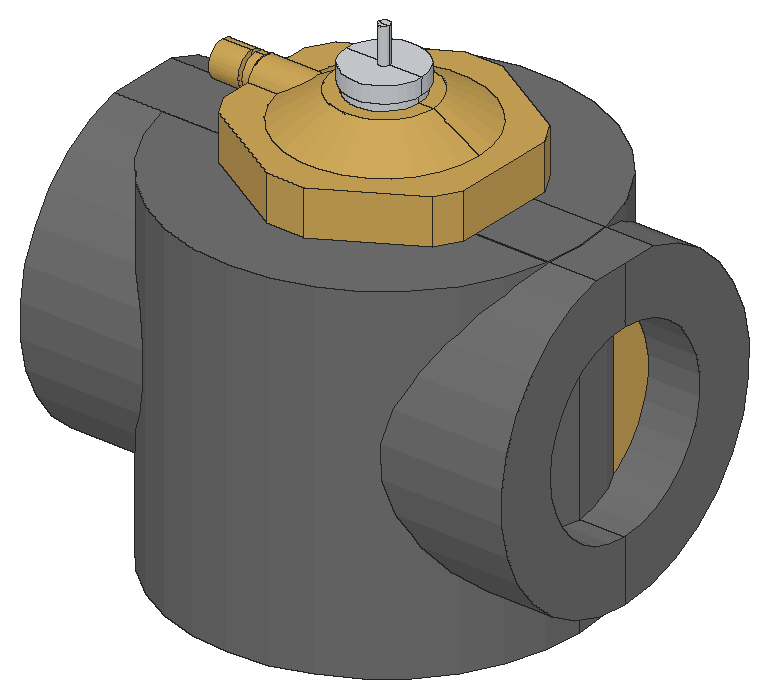
Revit family "Differenzdruckregler 4002 FIX TS 23kPa", category Rohrzubehör, Revit 2019
Family settings
  Bemaßung runder Anschluss = Durchmesser verwenden
  Teiletyp = Unterbricht
  OmniClass-Nummer = 23.65.55.14
  OmniClass-Titel = Valves for Liquid Services
  Arbeitsebenenbasiert = Nein
  Immer vertikal = Ja
  Beim Laden mit Abzugskörper schneiden = Nein
  Gemeinsam genutzt = Nein
Parameters (values of type "Mit Dämmung")
  y2 [instance] = K14 + K9 + H01  # 72.649 mm
  y1 [instance] = (R03 * 2) + R05  # 140.000 mm
  k25 = 9.000 mm
  k24 = 13.000 mm
  k23 = 6.000 mm
  k22 = 22.000 mm
  k21 = 13.000 mm
  k20 = 14.000 mm
  k19 = 2.000 mm
  Min. Betriebstemperatur (Frostschutz) = -20 °C  # constant formula
  Max. zulässige Betriebstemperatur bis DN32 = 130 °C  # constant formula
  Max. zulässige Betriebstemperatur DN40 - DN50 = 110 °C  # constant formula
  Max. Differenzdruck am Gehäuse = 400000.0 Pa  # constant formula
  Max. Betriebsdruck = 1600000.0 Pa  # constant formula
  Ventilschaft = "Edelstahl 14301"  # constant formula
  VRL01 [instance] = 30.000 mm  # constant formula
  V12 = 17.000 mm  # constant formula
  V10 = 16.000 mm  # constant formula
  V09 [instance] = 11.000 mm  # constant formula
  V08 [instance] = G01 + 3.000 mm  # 38.000 mm
  V03 [instance] = G01 + 5.000 mm  # 40.000 mm
  V02 [instance] = V01 + 4.500 mm  # 29.500 mm
  V01 [instance] = Nennweite / 2  # 25.000 mm
  URL = "www.herz-armaturen.at"
  SCRNSEQ = "ARM;ARM_TYP=\"DIFR\";2"
  SCRNCODE = "05;03;4"  # constant formula
  S07 = 10.000 mm  # constant formula
  S05 [instance] = S01 - 1.000 mm  # 25.000 mm
  S04 [instance] = S02 - 1.000 mm  # 27.000 mm
  S03 [instance] = size_lookup("4002_FIX_TS_23", "S03", 26.500 mm, Nennweite)  # 37.700 mm
  S02 [instance] = size_lookup("4002_FIX_TS_23", "S02", 19.000 mm, Nennweite)  # 28.000 mm
  S01 [instance] = size_lookup("4002_FIX_TS_23", "S01", 14.850 mm, Nennweite)  # 26.000 mm
  Regleranschlussmutter = "Messing CW614N"  # constant formula
  Regelbereich = "FIX 23kPa"  # constant formula
  R06 [instance] = size_lookup("4002_FIX_TS_23", "R06", 14.500 mm, Nennweite)  # 14.500 mm
  R05 [instance] = size_lookup("4002_FIX_TS_23", "R05", 41.000 mm, Nennweite)  # 104.000 mm
  R04 [instance] = size_lookup("4002_FIX_TS_23", "R04", 12.500 mm, Nennweite)  # 14.500 mm
  R03 [instance] = size_lookup("4002_FIX_TS_23", "R03", 8.000 mm, Nennweite)  # 18.000 mm
  R02 = 14.500 mm  # constant formula
  R01 [instance] = size_lookup("4002_FIX_TS_23", "R01", 11.500 mm, Nennweite)  # 37.600 mm
  Min. Betriebstemperatur (reines Wasser) = 2 °C  # constant formula
  O-Ringe = "EPDM"  # constant formula
  Nennweite [instance] = 50.000 mm
  Membrangehäuse = "Messing CW602N"  # constant formula
  Membrane = "EPDM"  # constant formula
  Medium = "Wasserbeschaffenheit nach ÖNORM H 5195 und VDI 2035\r\nDie Verwendung von Ethylen- und Propylenglykol ist im\r\nMischungsverhältnis 25 - 50 Vol.-% zulässig."
  L07 [instance] = size_lookup("4002_FIX_TS_23", "L07", 33.000 mm, Nennweite)  # 70.000 mm
  L06 = 7.000 mm  # constant formula
  L [instance] = size_lookup("4002_FIX_TS_23", "L", 66.000 mm, Nennweite)  # 140.000 mm
  K9 = 4.000 mm  # constant formula
  K8 = 55.000 mm  # constant formula
  K7 = 8.700 mm  # constant formula
  K6 = 11.700 mm  # constant formula
  K5 = 13.000 mm  # constant formula
  K4 = 12.000 mm  # constant formula
  K3 = 15.000 mm  # constant formula
  K2 = 2.350 mm  # constant formula
  K18 = 89.000 mm  # constant formula
  K17 = 66.700 mm  # constant formula
  K16 = 3.000 mm  # constant formula
  K15 = 26.649 mm  # constant formula
  K14 = 16.649 mm  # constant formula
  K13 = 16.649 mm  # constant formula
  K12 = 10.000 mm  # constant formula
  K11 = 35.000 mm  # constant formula
  K10 = 18.250 mm  # constant formula
  K1.1 = 2.350 mm  # constant formula
  K1 = 7.651 mm - 1.000 mm  # 6.651 mm
  J9 = 15.700 mm  # constant formula
  J8 = 7.850 mm  # constant formula
  J7 = 15.897 mm  # constant formula
  J6 = 3.900 mm  # constant formula
  J5 = 6.500 mm  # constant formula
  J4 = 1.500 mm  # constant formula
  J3 = 3.200 mm  # constant formula
  J2 = 11.000 mm  # constant formula
  J11 = 3.500 mm  # constant formula
  J10 = 18.897 mm  # constant formula
  J1 = 6.500 mm  # constant formula
  Hersteller = "HERZ-Armaturen Ges.m.b.H"  # constant formula
  H2 [instance] = size_lookup("4002_FIX_TS_23", "H2", 28.000 mm, Nennweite)  # 58.000 mm
  H1 [instance] = K1 + K2 + K3 + K4 + K5 + K7 + K8 + K16 + 16.650 mm  # 132.351 mm
  H04 = 4.000 mm  # constant formula
  H03 = 9.800 mm  # constant formula
  H02 [instance] = size_lookup("4002_FIX_TS_23", "H02", 53.000 mm, Nennweite)  # 107.000 mm
  H01 [instance] = size_lookup("4002_FIX_TS_23", "H01", 25.000 mm, Nennweite)  # 52.000 mm
  Gehäuse = "DZR Messing CC770S"  # constant formula
  G01 [instance] = size_lookup("4002_FIX_TS_23", "G01", 13.220 mm, Nennweite)  # 35.000 mm
  Hinweise zum Material = "Gemäß Art 33 der REACH-Verordnung (EG Nr. 1907/2006) sind wir verpflichtet, darauf hinzuweisen,\r\ndass der Stoff Blei auf der SVHC-Liste geführt wird und dass alle aus Messing bestehenden Bauteile,\r\ndie in unseren Erzeugnissen verarbeitet sind, mehr als 0,1 % (w/w) Blei (CAS: 7439-92-1 / EINECS:\r\n231-100-4) enthalten. Da Blei als Legierungsbestandteil fest gebunden ist, sind keine Expositionen zu\r\nerwarten und daher sind keine zusätzlichen Angaben zur sicheren Verwendung notwendig.\r\n\r\nIm Hanf enthaltenes Ammoniak schädigt\r\nMessingventilgehäuse, EPDM Dichtungen werden durch\r\nMineralöle bzw. mineralölhaltige Schmierstoffe aufgequollen\r\nund führen somit zum Ausfall der EPDM-Dichtungen. Für\r\nFrost- und Korrosionsschutzmittel auf der Basis von Ethylen- und Propylenglykol sind die entsprechenden\r\nAngaben den Unterlagen des Herstellers zu entnehmen."
  Dämmung = yes
  Dämmschale = "EPP (expandiertes Polypropylen)"  # constant formula
  Druckfeder = "Federstahl, rost-und säurebeständig"  # constant formula
  DN50 [instance] = Nennweite = 50.000 mm  # yes
  DN40 [instance] = Nennweite = 40.000 mm  # no
  DN32-40 [instance] = or(Nennweite = 32.000 mm, Nennweite = 40.000 mm)  # no
  DN32 [instance] = Nennweite = 32.000 mm  # no
  DN25 [instance] = Nennweite = 25.000 mm  # no
  DN20 [instance] = Nennweite = 20.000 mm  # no
  DN15-25 [instance] = or(Nennweite = 15.000 mm, Nennweite = 20.000 mm, Nennweite = 25.000 mm)  # no
  DN15,20,25,32,50 [instance] = or(Nennweite = 15.000 mm, Nennweite = 20.000 mm, Nennweite = 25.000 mm, Nennweite = 32.000 mm, Nennweite = 50.000 mm)  # yes
  DN15 [instance] = Nennweite = 15.000 mm  # no
  D07 [instance] = if(Nennweite = 15.000 mm, 32.000 mm, if(Nennweite = 20.000 mm, 33.000 mm, if(Nennweite = 25.000 mm, 33.000 mm, if(Nennweite = 32.000 mm, 49.000 mm, if(Nennweite = 40.000 mm, 57.560 mm, if(Nennweite = 50.000 mm, 57.560 mm, 0.000 mm))))))  # 57.560 mm
  D06 [instance] = if(Nennweite = 15.000 mm, 32.000 mm, if(Nennweite = 20.000 mm, 33.000 mm, if(Nennweite = 25.000 mm, 33.000 mm, if(Nennweite = 32.000 mm, 49.000 mm, if(Nennweite = 40.000 mm, 57.560 mm, if(Nennweite = 50.000 mm, 57.560 mm, 0.000 mm))))))  # 57.560 mm
  D05 [instance] = if(Nennweite = 15.000 mm, 36.750 mm, if(Nennweite = 20.000 mm, 40.700 mm, if(Nennweite = 25.000 mm, 49.200 mm, if(Nennweite = 32.000 mm, 54.150 mm, if(Nennweite = 40.000 mm, 60.750 mm, if(Nennweite = 50.000 mm, 72.700 mm, 0.000 mm))))))  # 72.700 mm
  D04 [instance] = if(Nennweite = 15.000 mm, 78.500 mm, if(Nennweite = 20.000 mm, 82.000 mm, if(Nennweite = 25.000 mm, 84.000 mm, if(Nennweite = 32.000 mm, 120.000 mm, if(Nennweite = 40.000 mm, 130.000 mm, if(Nennweite = 50.000 mm, 130.500 mm, 0.000 mm))))))  # 130.500 mm
  D03 [instance] = if(Nennweite = 15.000 mm, 96.000 mm, if(Nennweite = 20.000 mm, 110.000 mm, if(Nennweite = 25.000 mm, 112.000 mm, if(Nennweite = 32.000 mm, 152.000 mm, if(Nennweite = 40.000 mm, 170.000 mm, if(Nennweite = 50.000 mm, 179.000 mm, 0.000 mm))))))  # 179.000 mm
  D02 [instance] = size_lookup("4002_FIX_TS_23", "R05", 41.000 mm, Nennweite)  # 104.000 mm
  D01 [instance] = size_lookup("4002_FIX_TS_23", "G01", 13.220 mm, Nennweite)  # 35.000 mm
  Bestellnummer Dämmung [instance] = if(and(Dämmung, Nennweite = 15.000 mm), 1409611, if(and(Dämmung, Nennweite = 20.000 mm), 1409612, if(and(Dämmung, Nennweite = 25.000 mm), 1409613, if(and(Dämmung, Nennweite = 32.000 mm), 1409614, if(and(Dämmung, Nennweite = 40.000 mm), 1409615, if(and(Dämmung, Nennweite = 50.000 mm), 1409616, 0))))))  # 1409616
  Bestellnummer [instance] = size_lookup("4002_FIX_TS_23", "Artnr", 0, Nennweite)  # 1400286
  B2 [instance] = size_lookup("4002_FIX_TS_23", "B2", 31.000 mm, Nennweite)  # 41.000 mm
  B1 [instance] = size_lookup("4002_FIX_TS_23", "B1", 26.000 mm, Nennweite)  # 41.000 mm
  B04 = 100.649 mm  # constant formula
  B03 = 44.500 mm  # constant formula
  B02 = 104.688 mm  # constant formula
  B01 = 10.000 mm  # constant formula
  Anwendungsgebiet = "Der Differenzdruckregler ist ein Regler mit linearer Kennlinie in Geradsitzausführung und arbeitet ohne Hilfsenergie. Der Differenzdruck-Sollwert beträgt 23 kPa, 50 kPa bzw 13 kPa. Im Lieferumfang enthalten ist die Impulsleitung (1000 mm), diese ist mit einem Strangregulierventil im Vorlauf zu verbinden."
  Anschlussnippel = "Messing CW602N"  # constant formula
  Anschlussgewinde für Antrieb = "Messing CW602N"  # constant formula
Types (2, lengths in mm): name | y2 | y1 | V08 | V03 | V02 | V01 | S05 | S04 | S03 | S02 | S01 | R05 | R04 | R03 | R01 | Nennweite | L07 | L | H2 | H02 | H01 | G01 | Dämmung | DN50 | DN15-25 | DN15 | D07 | D06 | D05 | D04 | D03 | D02 | D01 | Bestellnummer Dämmung | Bestellnummer | B2 | B1
  Ohne Dämmung | 45.649 | 66.000 | 16.220 | 18.220 | 12.000 | 7.500 | 13.850 | 18.000 | 25.600 | 19.000 | 14.850 | 50.000 | 12.500 | 8.000 | 11.500 | 15.000 | 33.000 | 66.000 | 28.000 | 53.000 | 25.000 | 13.220 | no | no | yes | yes | 32.000 | 32.000 | 36.750 | 78.500 | 96.000 | 50.000 | 13.220 | 0 | 1400281 | 31.000 | 26.000
  Mit Dämmung | 72.649 | 140.000 | 38.000 | 40.000 | 29.500 | 25.000 | 25.000 | 27.000 | 37.700 | 28.000 | 26.000 | 104.000 | 14.500 | 18.000 | 37.600 | 50.000 | 70.000 | 140.000 | 58.000 | 107.000 | 52.000 | 35.000 | yes | yes | no | no | 57.560 | 57.560 | 72.700 | 130.500 | 179.000 | 104.000 | 35.000 | 1409616 | 1400286 | 41.000 | 41.000
Reference planes
  plane 1 "Mitte (Vorne/hinten)": y = 0
  plane 2: z = 0
  plane 3 "Mitte (Links/rechts)": x = 0
Forms (mm)
  Revolve 1, solid, material "Messing, weicher Gelbton, geschweißt", detail levels fine
    sketch origin (0, 0, 0) x (1, 0, 0) y (0, 0, 1)
      loop
        line (-70, 0) -> (70, 0) -> (70, 35) -> (52, 35) -> (52, 37.6) -> (-52, 37.6) -> (-52, 35) -> (-70, 35) -> (-70, 0)
      axis (-70, 0) -> (70, 0)
    angle from 0 to 360
  Revolve 2, solid, material "Messing, weicher Gelbton, geschweißt", detail levels fine
    sketch origin (0, 0, 0) x (1, 0, 0) y (0, 0, 1)
      loop
        line (0, -58) -> (0, 0) -> (-27, 0) -> (-27, -48.2) -> (-28, -48.2) -> (-28, -58) -> (0, -58)
      axis (0, 0) -> (0, -58)
    angle from 0 to 360
  Extrusion 3, solid, material "Messing, weicher Gelbton, geschweißt", detail levels fine
    sketch origin (0, 0, 0) x (0, -1, 0) y (1, 0, 0)
      loop
        line (-46, -7.038) -> (-27.114, -39.75) -> (-18.886, -44.5) -> (18.886, -44.5) -> (27.114, -39.75) -> (46, -7.038) -> (46, 7.038) -> (27.114, 39.75) -> (18.886, 44.5) -> (-18.886, 44.5) -> (-27.114, 39.75) -> (-46, 7.038) -> (-46, -7.038)
    from 56 to 72.649
  Revolve 4, solid, material "Messing, weicher Gelbton, geschweißt", detail levels fine
    sketch origin (0, 0, -7.051) x (1, 0, 0) y (0, 0, 1)
      loop
        line (0, 79.7) -> (0, 89.7) -> (-18.25, 89.7) -> (-35, 79.7) -> (0, 79.7)
      axis (0, 89.7) -> (0, 79.7)
    angle from 0 to 360
  Revolve 5, solid, material "Messing, weicher Gelbton, geschweißt", visible <- "DN15-25", detail levels fine
    sketch origin (-11, 0, 0) x (1, 0, 0) y (0, 1, 0)
      loop
        line (-3.5, 41) -> (-11.2, 41) -> (-11.2, 0) -> (-3.5, 0) -> (-3.5, 41)
      axis (-3.5, 0) -> (-3.5, 41)
    angle from 0 to 360
  Revolve 6, solid, material "Messing, weicher Gelbton, geschweißt", detail levels fine
    sketch origin (-0.988, 0, -6.853) x (-1, 0, 0) y (0, 0, 1)
      loop
        line (43.5, 78.75) -> (59.2, 78.75) -> (59.2, 85.25) -> (48.2, 85.25) -> (48.2, 82.65) -> (46.7, 82.65) -> (46.7, 85.25) -> (43.5, 85.25) -> (43.5, 78.75)
      axis (43.5, 78.75) -> (59.2, 78.75)
    angle from 0 to 360
  Extrusion 7, solid, material "Messing, weicher Gelbton, geschweißt", detail levels fine
    sketch origin (0, 0, 0) x (0, 1, 0) y (0, 0, -1)
      loop
        line (7.85, -70.547) -> (7.85, -59.5) -> (-7.85, -59.5) -> (-7.85, -70.547)
        arc (-7.85, -70.547) -> (0, -78.397) -> (7.85, -70.547) r 7.85
    from 0 to 44.5
  Revolve 8, solid, material "Messing, weicher Gelbton, geschweißt", visible <- "DN15-25", detail levels fine
    sketch origin (-2, 0, 0) x (1, 0, 0) y (0, 1, 0)
      loop
        line (-12.5, 0) -> (-21.5, 0) -> (-21.5, -41) -> (-12.5, -41) -> (-12.5, 0)
      axis (-12.5, 0) -> (-12.5, -41)
    angle from 0 to 360
  Revolve 9, solid, material "Messing, weicher Gelbton, geschweißt", visible <- "DN15-25", detail levels fine
    sketch origin (2, 0, 0) x (1, 0, 0) y (0, 1, 0)
      loop
        line (12.5, 0) -> (12.5, -41) -> (21.6, -41) -> (21.6, 0) -> (12.5, 0)
      axis (12.5, 0) -> (12.5, -41)
    angle from 0 to 360
  Extrusion 10, solid, material "Messing, weicher Gelbton, geschweißt", visible <- "DN32", detail levels fine
    sketch origin (-31.5, 0, 0) x (1, 0, 0) y (0, 1, 0)
      loop
        circle (63, 0) r 6.578
      loop
        circle (63, 0) r 3.28
    from -47 to 0
  Extrusion 11, solid, material "Messing, weicher Gelbton, geschweißt", visible <- "DN32", detail levels fine
    sketch origin (31.5, 0, 0) x (-1, 0, 0) y (0, -1, 0)
      loop
        circle (63, 0) r 6.578
      loop
        circle (63, 0) r 3.28
    from -47 to 0
  Revolve 12, solid, material "Messing, weicher Gelbton, geschweißt", detail levels fine
    sketch origin (0, 0, 0) x (1, 0, 0) y (0, 0, 1)
      loop
        line (-25, 0) -> (0, 0) -> (0, 56) -> (-21, 56) -> (-21, 52) -> (-26, 52) -> (-26, 42.2) -> (-25, 42.2) -> (-25, 0)
      axis (0, 56) -> (0, 0)
    angle from 0 to 360
  Extrusion 13, solid, material "Messing, weicher Gelbton, geschweißt", visible <- "DN40", detail levels fine
    sketch origin (29.382, 0, 0) x (-1, 0, 0) y (0, -1, 0)
      loop
        circle (63, 0) r 6.578
      loop
        circle (63, 0) r 3.28
    from -58 to 0
  Extrusion 14, solid, material "Messing, weicher Gelbton, geschweißt", visible <- "DN40", detail levels fine
    sketch origin (-29.455, 0, 0) x (1, 0, 0) y (0, 1, 0)
      loop
        circle (63, 0) r 6.578
      loop
        circle (63, 0) r 3.28
    from -58 to 0
  Extrusion 15, solid, material "Messing, weicher Gelbton, geschweißt", visible <- "DN50", detail levels fine
    sketch origin (28.422, 0, 0) x (-1, 0, 0) y (0, -1, 0)
      loop
        circle (63, 0) r 6.578
      loop
        circle (63, 0) r 3.28
    from -58 to 0
  Extrusion 16, solid, material "Messing, weicher Gelbton, geschweißt", visible <- "DN50", detail levels fine
    sketch origin (-28.422, 0, 0) x (1, 0, 0) y (0, 1, 0)
      loop
        circle (63, 0) r 6.578
      loop
        circle (63, 0) r 3.28
    from -58 to 0
  Revolve 17, solid, material "Messing, weicher Gelbton, geschweißt", visible <- "DN32-40", detail levels fine
    sketch origin (-11, 0, 0) x (1, 0, 0) y (0, 1, 0)
      loop
        line (-3.5, -41) -> (-3.5, 0) -> (-11.2, 0) -> (-11.2, -41) -> (-3.5, -41)
      axis (-3.5, 0) -> (-3.5, -41)
    angle from 0 to 360
  Revolve 18, solid, material "Messing, weicher Gelbton, geschweißt", not visible, detail levels fine
    sketch origin (10.652, 0, 0) x (-1, 0, 0) y (0, 0, 1)
      loop
        line (80.652, 0) -> (110.652, 0) -> (110.652, 25) -> (93.652, 25) -> (93.652, 29.5) -> (84.652, 29.5) -> (84.652, 40) -> (77.652, 40) -> (77.652, 38) -> (62.652, 38) -> (62.652, 35) -> (80.652, 35) -> (80.652, 0)
      axis (62.652, 0) -> (110.652, 0)
    angle from 0 to 360
  Revolve 19, solid, material "Messing, weicher Gelbton, geschweißt", not visible, detail levels fine
    sketch origin (-9.448, 0, 0) x (1, 0, 0) y (0, 0, 1)
      loop
        line (79.448, 0) -> (109.448, 0) -> (109.448, 25) -> (92.448, 25) -> (92.448, 29.5) -> (83.448, 29.5) -> (83.448, 40) -> (76.448, 40) -> (76.448, 38) -> (61.448, 38) -> (61.448, 35) -> (79.448, 35) -> (79.448, 0)
      axis (61.448, 0) -> (109.448, 0)
    angle from 0 to 360
  Revolve 20, solid, detail levels fine
    sketch origin (0, 0, 0) x (1, 0, 0) y (0, 0, 1)
      loop
        line (0, 82.649) -> (0, 104.649) -> (-2, 104.649) -> (-2, 91.649) -> (-14, 91.649) -> (-14, 85.649) -> (-13, 85.649) -> (-13, 82.649) -> (0, 82.649)
      axis (0, 104.649) -> (0, 82.649)
    angle from 0 to 360
  Revolve 21, solid, material "Kunststoff-Anthrazit/Schwarz", visible <- "Dämmung", detail levels fine
    sketch origin (0, 0, 0) x (1, 0, 0) y (0, 0, 1)
      loop
        line (89.5, 57.56) -> (-89.5, 57.56) -> (-89.5, 35) -> (-52, 35) -> (-52, 0) -> (0, 0) -> (52, 0) -> (52, 35) -> (89.5, 35) -> (89.5, 57.56)
      axis (-89.5, 0) -> (89.5, 0)
    angle from 0 to 360
  Revolve 22, solid, material "Kunststoff-Anthrazit/Schwarz", visible <- "Dämmung", detail levels fine
    sketch origin (0, 0, 0) x (1, 0, 0) y (0, 0, 1)
      loop
        line (0, -72.94) -> (72.7, -72.94) -> (72.7, 57.56) -> (0, 57.56) -> (0, -72.94)
      axis (0, 57.56) -> (0, -72.94)
    angle from 0 to 360
  Extrusion 23, void
    sketch origin (-283.267, -47.5, 0) x (1, 0, 0) y (0, 1, 0)
      loop
        line (192.065, -46.754) -> (378.267, -46.754) -> (378.267, 136.9) -> (192.065, 136.9) -> (192.065, -46.754)
    from 56 to 72.649
  Extrusion 24, void
    sketch origin (-265.832, -47.5, 0) x (1, 0, 0) y (0, 1, 0)
      loop
        line (148.665, -27.107) -> (383, -27.107) -> (383, 142.5) -> (148.665, 142.5) -> (148.665, -27.107)
    from 56 to 72.649
Cuts and joins
  Extrusion 23 cuts Revolve 21
  Extrusion 24 cuts Revolve 22
Lines and regions (mm)
  model lines, detail levels coarse+medium
    curve 1: line (70, -35, 0) -> (70, 35, 0)
    curve 2: line (70, 35, 0) -> (-70, -35, 0)
    curve 3: line (-70, -35, 0) -> (-70, 35, 0)
    curve 4: line (-70, 35, 0) -> (70, -35, 0)
    curve 5: line (0, -42, 0) -> (0, -56, 0)
    curve 6: spline (-44.5, -64.324, 0) -> (-42.984, -62.17, 0) -> (-38.538, -60.162, 0) -> (-31.466, -58.438, 0) -> (-22.25, -57.115, 0) -> (-11.517, -56.284, 0) -> (0, -56, 0) -> (11.517, -56.284, 0) -> (22.25, -57.115, 0) -> (31.466, -58.438, 0) -> (38.538, -60.162, 0) -> (42.984, -62.17, 0) -> (44.5, -64.325, 0) -> (42.984, -66.479, 0) -> (38.538, -68.487, 0) -> (31.466, -70.211, 0) -> (22.25, -71.534, 0) -> (11.517, -72.365, 0) -> (0, -72.649, 0) -> (-11.517, -72.365, 0) -> (-22.25, -71.534, 0) -> (-31.466, -70.211, 0) -> (-38.538, -68.487, 0) -> (-42.984, -66.479, 0) -> (-44.5, -64.324, 0)
    curve 7: line (-70, 0, 35) -> (-70, 0, -35)
    curve 8: line (-70, 0, -35) -> (70, 0, 35)
    curve 9: line (70, 0, 35) -> (70, 0, -35)
    curve 10: line (70, 0, -35) -> (-70, 0, 35)
    curve 11: line (0, 0, 35) -> (0, 0, 56)
    curve 12: spline (-44.5, 0, 64.325) -> (-42.984, 0, 66.479) -> (-38.538, 0, 68.487) -> (-31.466, 0, 70.211) -> (-22.25, 0, 71.534) -> (-11.517, 0, 72.365) -> (0, 0, 72.649) -> (11.517, 0, 72.365) -> (22.25, 0, 71.534) -> (31.466, 0, 70.211) -> (38.538, 0, 68.487) -> (42.984, 0, 66.479) -> (44.5, 0, 64.324) -> (42.984, 0, 62.17) -> (38.538, 0, 60.162) -> (31.466, 0, 58.438) -> (22.25, 0, 57.115) -> (11.517, 0, 56.284) -> (0, 0, 56) -> (-11.517, 0, 56.284) -> (-22.25, 0, 57.115) -> (-31.466, 0, 58.438) -> (-38.538, 0, 60.162) -> (-42.984, 0, 62.17) -> (-44.5, 0, 64.325)
    curve 13: line (0, 0, 35) -> (35, 0, 17.5)
    curve 14: line (0, 0, 35) -> (-35, 0, 17.5)
    curve 15: line (70, 0, 0) -> (100, 0, 0)
    curve 16: line (-70, 0, 0) -> (-100, 0, 0)
    curve 17: line (0, -42, 0) -> (-18.2, -9.1, 0)
    curve 18: line (0, -42, 0) -> (18.2, -9.1, 0)
    curve 19: line (70, 0, 35) -> (70, 0, -35)
    curve 20: line (70, 0, 35) -> (80, 0, 35)
    curve 21: line (80, 0, 35) -> (70, 0, 0)
    curve 22: line (80, 0, -35) -> (70, 0, 0)
    curve 23: line (70, 0, -35) -> (80, 0, -35)
    curve 24: line (-70, 0, 35) -> (-70, 0, -35)
    curve 25: line (-70, 0, 35) -> (-80, 0, 35)
    curve 26: line (-80, 0, 35) -> (-70, 0, 0)
    curve 27: line (-80, 0, -35) -> (-70, 0, 0)
    curve 28: line (-70, 0, -35) -> (-80, 0, -35)
    curve 29: line (-70, 35, 0) -> (-80, 35, 0)
    curve 30: line (-80, 35, 0) -> (-70, 0, 0)
    curve 31: line (-70, -35, 0) -> (-80, -35, 0)
    curve 32: line (-80, -35, 0) -> (-70, 0, 0)
    curve 33: line (70, -35, 0) -> (70, 35, 0)
    curve 34: line (70, 35, 0) -> (80, 35, 0)
    curve 35: line (80, 35, 0) -> (70, 0, 0)
    curve 36: line (70, -35, 0) -> (80, -35, 0)
    curve 37: line (80, -35, 0) -> (70, 0, 0)
Dimensions and locks
  "G01": Revolve 1 sketch curve to Revolve 1 sketch curve  (x2)
  "R01": Revolve 1 sketch curve to Revolve 1 sketch curve
  "R03": Revolve 1 sketch curve to Revolve 1 sketch curve  (x2)
  "K10": Revolve 4 sketch curve to Revolve 4 sketch curve
  "K11": Revolve 4 sketch curve to Revolve 4 sketch curve
  "B1": Revolve 5 sketch curve to Revolve 5 sketch curve
  "J1": Revolve 6 sketch curve to Revolve 6 sketch curve
  "J3": Revolve 6 sketch curve to Revolve 6 sketch curve
  "J4": Revolve 6 sketch curve to Revolve 6 sketch curve
  "J2": Revolve 6 sketch curve to Revolve 6 sketch curve
  "J5": Revolve 6 sketch curve to Revolve 6 sketch curve
  "J6": Revolve 6 sketch curve to Revolve 6 sketch curve
  "H2": plane 2 to Revolve 2 sketch curve
  "H03": Revolve 2 sketch curve to Revolve 2 sketch curve
  "S02": plane 3 "Mitte (Links/rechts)" to Revolve 2 sketch curve
  "B02": Revolve 6 to Extrusion 3
  "B03": Extrusion 3 to plane 3 "Mitte (Links/rechts)"
  "R04": Revolve 5 sketch curve to plane 3 "Mitte (Links/rechts)"
  "K12": Revolve 4 sketch curve to Revolve 4 sketch curve
  "K13": Revolve 4 sketch curve to Extrusion 3
  "K14": Extrusion 3 to Extrusion 3
  "R05": Revolve 1 sketch curve to Revolve 1 sketch curve
  plane 3 "Mitte (Links/rechts)" to Revolve 1 sketch curve = 70.000 mm
  Revolve 1 sketch curve to plane 3 "Mitte (Links/rechts)" = 70.000 mm
  equal spacing: Revolve 1 sketch curve, plane 3 "Mitte (Links/rechts)", Revolve 1 sketch curve
  "B2": plane 1 "Mitte (Vorne/hinten)" to Revolve 8 sketch curve
  "B2": Revolve 9 sketch curve to plane 1 "Mitte (Vorne/hinten)"
  "R06": Revolve 8 sketch curve to plane 3 "Mitte (Links/rechts)"
  "R06": plane 3 "Mitte (Links/rechts)" to Revolve 9 sketch curve
  "S01": Revolve 12 sketch curve to plane 3 "Mitte (Links/rechts)"
  "S05": plane 3 "Mitte (Links/rechts)" to Revolve 12 sketch curve
  "H04": Revolve 12 sketch curve to Revolve 12 sketch curve
  "H03": Revolve 12 sketch curve to Revolve 12 sketch curve
  "H01": Revolve 12 sketch curve to plane 2
  "K9": Extrusion 3 to Revolve 12
  Revolve 2 sketch curve to Revolve 2 sketch curve = 1.000 mm
  "J7": Revolve 6 sketch curve to Extrusion 3
  "J9": Extrusion 7 sketch curve to Extrusion 7 sketch curve
  "J10": Revolve 6 to Extrusion 7 sketch curve
  "J11": Extrusion 7 sketch curve to Extrusion 3
  equal spacing: curve 7, curve 6, curve 9
  "K18": Extrusion 3 to Extrusion 3
  equal spacing: curve 7, curve 14, curve 14
  equal spacing: curve 14, curve 13, curve 9
  "G01": curve 10 to plane 2
  "G01": plane 2 to curve 8
  "G01": curve 9 to plane 2
  "G01": plane 2 to curve 10
  "K18": curve 12 to curve 12
  "y1": curve 7 to curve 9
  "G01": curve 14 to plane 2
  "K14": curve 12 to curve 12
  "y2": curve 12 to plane 2
  "G01": plane 1 "Mitte (Vorne/hinten)" to curve 4
  "G01": curve 3 to plane 1 "Mitte (Vorne/hinten)"
  equal spacing: curve 3, curve 12, curve 1
  equal spacing: curve 3, curve 18, curve 1
  "y1": curve 3 to curve 1
  "G01": plane 1 "Mitte (Vorne/hinten)" to curve 2
  "G01": curve 4 to plane 1 "Mitte (Vorne/hinten)"
  "K18": curve 6 to curve 6
  "K14": curve 6 to curve 6
  "y2": curve 6 to plane 1 "Mitte (Vorne/hinten)"
  "B1": Revolve 17 sketch curve to Revolve 17 sketch curve
  "R04": Revolve 17 sketch curve to plane 3 "Mitte (Links/rechts)"
  "R03": Revolve 18 sketch curve to Revolve 18 sketch curve
  "V10": Revolve 18 sketch curve to Revolve 18 sketch curve
  "V12": Revolve 18 sketch curve to Revolve 18 sketch curve
  "VRL01": Revolve 18 sketch curve to Revolve 18 sketch curve
  "V02": Revolve 18 sketch curve to plane 2
  "V01": Revolve 18 sketch curve to plane 2
  "G01": Revolve 18 sketch curve to plane 2
  "V08": Revolve 18 sketch curve to plane 2
  "V03": Revolve 18 sketch curve to plane 2
  "R03": Revolve 19 sketch curve to Revolve 19 sketch curve
  "V10": Revolve 19 sketch curve to Revolve 19 sketch curve
  "V12": Revolve 19 sketch curve to Revolve 19 sketch curve
  "VRL01": Revolve 19 sketch curve to Revolve 19 sketch curve
  "V01": Revolve 19 sketch curve to plane 2
  "V02": Revolve 19 sketch curve to plane 2
  "G01": Revolve 19 sketch curve to plane 2
  "V08": Revolve 19 sketch curve to plane 2
  "V03": Revolve 19 sketch curve to plane 2
  "L07": Revolve 18 to plane 3 "Mitte (Links/rechts)"
  "L07": plane 3 "Mitte (Links/rechts)" to Revolve 19
  "S07": curve 28 to Revolve 18
  "S07": curve 26 to Revolve 18
  "S07": Revolve 19 to curve 21
  "S07": Revolve 19 to curve 23
  "G01": plane 2 to curve 28
  "G01": curve 25 to plane 2
  "G01": curve 20 to plane 2
  "G01": plane 2 to curve 23
  "S07": curve 30 to curve 3
  "S07": curve 32 to curve 3
  "S07": curve 33 to curve 35
  "S07": curve 33 to curve 37
  "k20": Revolve 20 sketch curve to Revolve 20 sketch curve
  "k24": Revolve 20 sketch curve to Revolve 20 sketch curve
  "k23": Revolve 20 sketch curve to Revolve 20 sketch curve
  "k21": Revolve 20 sketch curve to Revolve 20 sketch curve
  "k22": Revolve 20 sketch curve to Revolve 20 sketch curve
  "k19": Revolve 20 sketch curve to Revolve 20 sketch curve
  "k25": Revolve 20 to Revolve 4
  "D07": Revolve 21 sketch curve to plane 2
  "D01": Revolve 21 sketch curve to plane 2  (x2)
  "D02": Revolve 21 sketch curve to Revolve 21 sketch curve
  equal spacing: Revolve 21 sketch curve, plane 3 "Mitte (Links/rechts)", Revolve 21 sketch curve  (x2)
  "D03": Revolve 21 sketch curve to Revolve 21 sketch curve
  "D05": Revolve 22 sketch curve to Revolve 22 sketch curve
  "D04": Revolve 22 sketch curve to Revolve 22 sketch curve
  "D06": Revolve 22 sketch curve to plane 2
  "K14": Extrusion 23 to Extrusion 23
  "K14": Extrusion 23 to Extrusion 3
  "K14": Extrusion 24 to Extrusion 24
  "K14": Extrusion 24 to Extrusion 3
  "J8": radius of Extrusion 7 sketch curve
  aligned and locked: level to plane 2
Automatic sketch dimensions
  plane 3 "Mitte (Links/rechts)" to Extrusion 3 sketch curve = 7.038 mm  (x2)
  Extrusion 3 sketch curve to plane 1 "Mitte (Vorne/hinten)" = 46.000 mm
  Extrusion 3 sketch curve to plane 1 "Mitte (Vorne/hinten)" = 27.114 mm  (x2)
  Extrusion 3 sketch curve to Extrusion 3 sketch curve = 8.227 mm  (x4)
  plane 1 "Mitte (Vorne/hinten)" to Extrusion 3 sketch curve = 18.886 mm  (x2)
  Extrusion 3 sketch curve to Extrusion 3 sketch curve = 18.886 mm
  Extrusion 3 sketch curve to plane 3 "Mitte (Links/rechts)" = 7.038 mm  (x2)
  Extrusion 3 sketch curve to Extrusion 3 sketch curve = 32.712 mm  (x4)
  Extrusion 3 sketch curve to Extrusion 3 sketch curve = 4.750 mm  (x2)
  Extrusion 10 sketch curve to Extrusion 10 sketch curve = 0.000 mm  (x2)
  plane 1 "Mitte (Vorne/hinten)" to Extrusion 10 sketch curve = 0.000 mm
  plane 3 "Mitte (Links/rechts)" to Extrusion 10 sketch curve = 31.500 mm
  Extrusion 11 sketch curve to Extrusion 11 sketch curve = 0.000 mm  (x2)
  plane 1 "Mitte (Vorne/hinten)" to Extrusion 11 sketch curve = 0.000 mm
  plane 3 "Mitte (Links/rechts)" to Extrusion 11 sketch curve = 31.500 mm
  Extrusion 13 sketch curve to Extrusion 13 sketch curve = 0.000 mm  (x2)
  plane 1 "Mitte (Vorne/hinten)" to Extrusion 13 sketch curve = 0.000 mm
  plane 3 "Mitte (Links/rechts)" to Extrusion 13 sketch curve = 33.618 mm
  Extrusion 14 sketch curve to Extrusion 14 sketch curve = 0.000 mm  (x2)
  plane 1 "Mitte (Vorne/hinten)" to Extrusion 14 sketch curve = 0.000 mm
  plane 3 "Mitte (Links/rechts)" to Extrusion 14 sketch curve = 33.545 mm
  Extrusion 15 sketch curve to Extrusion 15 sketch curve = 0.000 mm  (x2)
  plane 1 "Mitte (Vorne/hinten)" to Extrusion 15 sketch curve = 0.000 mm
  plane 3 "Mitte (Links/rechts)" to Extrusion 15 sketch curve = 34.578 mm
  Extrusion 16 sketch curve to Extrusion 16 sketch curve = 0.000 mm  (x2)
  plane 1 "Mitte (Vorne/hinten)" to Extrusion 16 sketch curve = 0.000 mm
  plane 3 "Mitte (Links/rechts)" to Extrusion 16 sketch curve = 34.578 mm
  Extrusion 23 sketch curve to plane 1 "Mitte (Vorne/hinten)" = 89.400 mm
  Extrusion 23 sketch curve to plane 3 "Mitte (Links/rechts)" = 91.202 mm
  Extrusion 23 sketch curve to Extrusion 23 sketch curve = 186.202 mm
  plane 1 "Mitte (Vorne/hinten)" to Extrusion 23 sketch curve = 94.254 mm
  Extrusion 24 sketch curve to plane 1 "Mitte (Vorne/hinten)" = 95.000 mm
  Extrusion 24 sketch curve to plane 3 "Mitte (Links/rechts)" = 117.168 mm
  Extrusion 24 sketch curve to Extrusion 24 sketch curve = 234.335 mm
  plane 1 "Mitte (Vorne/hinten)" to Extrusion 24 sketch curve = 74.607 mm
  curve 16 to level = 0.000 mm
  curve 11 to plane 3 "Mitte (Links/rechts)" = 0.000 mm
  curve 12 to plane 3 "Mitte (Links/rechts)" = 0.000 mm
  curve 15 to level = 0.000 mm
  curve 16 to curve 16 = 30.000 mm
  curve 15 to curve 15 = 30.000 mm
  plane 1 "Mitte (Vorne/hinten)" to curve 30 = 0.000 mm
  plane 1 "Mitte (Vorne/hinten)" to curve 32 = 0.000 mm
  curve 18 to plane 3 "Mitte (Links/rechts)" = 0.000 mm
  curve 6 to plane 3 "Mitte (Links/rechts)" = 0.000 mm
  plane 1 "Mitte (Vorne/hinten)" to curve 35 = 0.000 mm
  plane 1 "Mitte (Vorne/hinten)" to curve 37 = 0.000 mm
  curve 5 to curve 17 = 14.000 mm
  plane 1 "Mitte (Vorne/hinten)" to curve 17 = 9.100 mm
  plane 1 "Mitte (Vorne/hinten)" to curve 18 = 9.100 mm
  Revolve 1 sketch curve to level = 0.000 mm  (x2)
  Revolve 1 sketch curve to Revolve 1 sketch curve = 1473.530 mm
  Revolve 1 sketch curve to Revolve 1 sketch curve = 1806.148 mm
  Revolve 2 sketch curve to level = 0.000 mm
  Revolve 2 sketch curve to plane 3 "Mitte (Links/rechts)" = 0.000 mm  (x2)
  Revolve 2 sketch curve to Revolve 2 sketch curve = 1.000 mm
  Revolve 2 sketch curve to Revolve 2 sketch curve = 334.045 mm
  level to Revolve 2 sketch curve = 2218.015 mm
  Revolve 4 sketch curve to plane 3 "Mitte (Links/rechts)" = 0.000 mm  (x2)
  Revolve 4 sketch curve to level = 373.096 mm
  Revolve 4 sketch curve to Revolve 4 sketch curve = 2155.315 mm
  plane 1 "Mitte (Vorne/hinten)" to Revolve 5 sketch curve = 0.000 mm  (x2)
  Revolve 5 sketch curve to Revolve 5 sketch curve = 0.000 mm  (x2)
  Revolve 5 sketch curve to Revolve 5 sketch curve = 7.700 mm
  plane 3 "Mitte (Links/rechts)" to Revolve 6 sketch curve = 44.488 mm
  Revolve 6 sketch curve to Revolve 6 sketch curve = 0.000 mm  (x3)
  Extrusion 7 sketch curve to plane 1 "Mitte (Vorne/hinten)" = 0.000 mm
  Extrusion 7 sketch curve to Extrusion 7 sketch curve = 11.047 mm
  Extrusion 7 sketch curve to Extrusion 7 sketch curve = 0.000 mm
  plane 1 "Mitte (Vorne/hinten)" to Revolve 8 sketch curve = 0.000 mm  (x2)
  Revolve 8 sketch curve to Revolve 8 sketch curve = 9.000 mm
  Revolve 8 sketch curve to Revolve 8 sketch curve = 0.000 mm  (x2)
  plane 1 "Mitte (Vorne/hinten)" to Revolve 9 sketch curve = 0.000 mm  (x2)
  Revolve 9 sketch curve to Revolve 9 sketch curve = 9.100 mm
  Revolve 9 sketch curve to Revolve 9 sketch curve = 0.000 mm  (x2)
  Revolve 12 sketch curve to level = 0.000 mm  (x2)
  Revolve 12 sketch curve to plane 3 "Mitte (Links/rechts)" = 0.000 mm  (x2)
  Revolve 12 sketch curve to Revolve 12 sketch curve = 5.000 mm
  Revolve 12 sketch curve to Revolve 12 sketch curve = 0.000 mm
  plane 1 "Mitte (Vorne/hinten)" to Revolve 17 sketch curve = 0.000 mm  (x2)
  Revolve 17 sketch curve to Revolve 17 sketch curve = 7.700 mm
  Revolve 17 sketch curve to Revolve 17 sketch curve = 0.000 mm  (x2)
  Revolve 18 sketch curve to level = 0.000 mm  (x2)
  plane 3 "Mitte (Links/rechts)" to Revolve 18 sketch curve = 52.000 mm
  Revolve 18 sketch curve to Revolve 18 sketch curve = 4.000 mm
  Revolve 18 sketch curve to Revolve 18 sketch curve = 0.000 mm  (x2)
  Revolve 19 sketch curve to level = 0.000 mm  (x2)
  plane 3 "Mitte (Links/rechts)" to Revolve 19 sketch curve = 52.000 mm
  Revolve 19 sketch curve to Revolve 19 sketch curve = 4.000 mm
  Revolve 19 sketch curve to Revolve 19 sketch curve = 0.000 mm  (x2)
  curve 26 to level = 0.000 mm
  curve 27 to level = 0.000 mm
  curve 22 to level = 0.000 mm
  curve 21 to level = 0.000 mm
  curve 27 to curve 28 = 10.000 mm
  curve 19 to curve 20 = 10.000 mm
  Revolve 20 sketch curve to plane 3 "Mitte (Links/rechts)" = 0.000 mm  (x2)
  level to Revolve 20 sketch curve = 82.649 mm
  Revolve 20 sketch curve to Revolve 20 sketch curve = 0.000 mm  (x2)
  Revolve 21 sketch curve to level = 0.000 mm  (x2)
  Revolve 21 sketch curve to plane 3 "Mitte (Links/rechts)" = 0.000 mm
  Revolve 21 sketch curve to Revolve 21 sketch curve = 0.000 mm  (x2)
  Revolve 22 sketch curve to plane 3 "Mitte (Links/rechts)" = 0.000 mm  (x2)
  Revolve 22 sketch curve to Revolve 22 sketch curve = 0.000 mm  (x2)
  radius of Extrusion 10 sketch curve = 6.578 mm
  radius of Extrusion 10 sketch curve = 3.280 mm
  radius of Extrusion 11 sketch curve = 6.578 mm
  radius of Extrusion 11 sketch curve = 3.280 mm
  radius of Extrusion 13 sketch curve = 6.578 mm
  radius of Extrusion 13 sketch curve = 3.280 mm
  radius of Extrusion 14 sketch curve = 6.578 mm
  radius of Extrusion 14 sketch curve = 3.280 mm
  radius of Extrusion 15 sketch curve = 6.578 mm
  radius of Extrusion 15 sketch curve = 3.280 mm
  radius of Extrusion 16 sketch curve = 6.578 mm
  radius of Extrusion 16 sketch curve = 3.280 mm
Nested families
  nested 1: "Herz-Logo-vorne" at (-0.018, 17.815, -12.904) x (0, -1, 0) z (0, 0, 1), type "Herz-Logo-vorne", detail levels fine
  nested 2: "Herz-Logo-vorne" at (-0.018, 29.612, 0) x (0, -1, 0) z (0, 0, 1), visible <- "DN32", type "Herz-Logo-vorne", detail levels fine
  nested 3: "Herz-Logo-vorne" at (-0.018, 38.665, 0) x (0, -1, 0) z (0, 0, 1), visible <- "DN40", type "Herz-Logo-vorne", detail levels fine
  nested 4: "Herz-Logo-vorne" at (-0.018, 37.548, 0) x (0, -1, 0) z (0, 0, 1), visible <- "DN50", type "Herz-Logo-vorne", detail levels fine
Connectors
  piping at (-70, 0, 0), diameter 50, driven by "Nennweite"
    settings: on Revolve 1, index 1, connector inside diameter 609.6 mm, connector length 0.000 mm, flow factor 0, pipe flow 0.0 L/s, pressure drop 0.0 Pa, fitting loss kfactor 0, connector angle 0.00°, fixture units 0, engagement length 0.000 mm, angle of deflection 0.00°, flow configuration 0, flow direction 1, fitting loss method 0, system type 7, joint type 0, gender type 0, connector reference index -1, connector utility 0, adjustable connector no, is connector primary yes, connector description ""
  piping at (70, 0, 0), diameter 50, driven by "Nennweite"
    settings: on Revolve 1, index 2, connector inside diameter 609.6 mm, connector length 0.000 mm, flow factor 0, pipe flow 0.0 L/s, pressure drop 0.0 Pa, fitting loss kfactor 0, connector angle 0.00°, fixture units 0, engagement length 0.000 mm, angle of deflection 0.00°, flow configuration 0, flow direction 2, fitting loss method 0, system type 29, joint type 0, gender type 0, connector reference index -1, connector utility 0, adjustable connector no, is connector primary no, connector description ""
Definition of nested family "Herz-Logo-vorne"
  Reference planes
    plane 1 "Mitte (Vorne/hinten)": y = 0
    plane 2: z = 0
    plane 3 "Mitte (Links/rechts)": x = 0
  Forms (mm)
    Extrusion 1, solid
      sketch origin (0.732, -0.018, 0.017) x (0, -1, 0) y (0, 0, 1)
        loop
          line (-0.018, -4.517) -> (4.482, -4.517) -> (4.482, 4.483) -> (-4.518, 4.483) -> (-4.518, -4.517) -> (-0.018, -4.517)
        loop
          line (-0.05, -3.48) -> (3.482, -3.48) -> (3.482, 3.483) -> (-3.518, 3.483) -> (-3.518, -3.48) -> (-0.05, -3.48)
        loop
          arc (-0.018, 2.383) -> (-1.543, 3.287) -> (-3.067, 2.383) r 1.738
          arc (-3.067, 2.383) -> (-3.191, 1.899) -> (-3.067, 1.415) r 1.009
          line (-3.067, 1.415) -> (-0.018, -3.281) -> (3.032, 1.415)
          arc (3.032, 1.415) -> (3.156, 1.899) -> (3.032, 2.383) r 1.009
          arc (3.032, 2.383) -> (1.507, 3.287) -> (-0.018, 2.383) r 1.738
        loop
          arc (1.885, 1.272) -> (2.005, 1.675) -> (1.885, 2.079) r 0.74
          arc (1.885, 2.079) -> (1.265, 2.416) -> (0.644, 2.079) r 0.74
          line (0.644, 2.079) -> (-0.018, 0.97) -> (-0.679, 2.079)
          arc (-0.679, 2.079) -> (-1.3, 2.416) -> (-1.921, 2.079) r 0.74
          arc (-1.921, 2.079) -> (-2.04, 1.675) -> (-1.921, 1.272) r 0.74
          line (-1.921, 1.272) -> (-0.018, -1.658) -> (1.885, 1.272)
      from 0 to 1.5
  Dimensions and locks
    aligned and locked: level to plane 2
